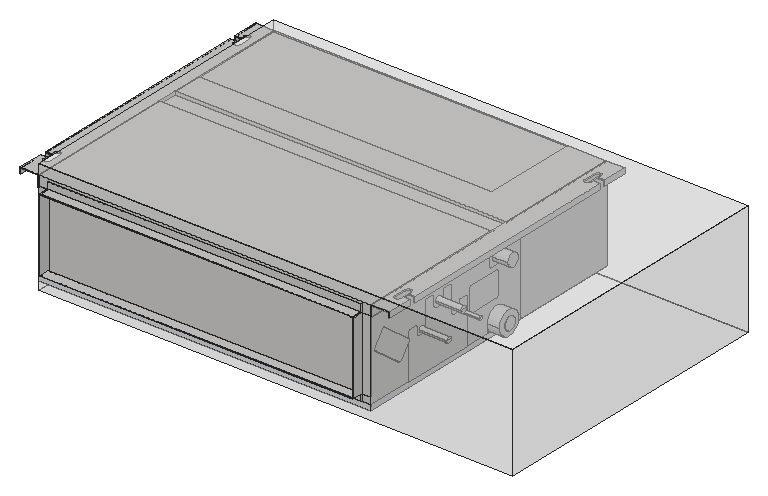
Revit family "outputfile", category 機械設備, Revit 2024
Family settings
  丸型コネクタ寸法 = 半径を使用
  パーツ タイプ = 標準
  OmniClass 番号 = 23.75.10.24.21.27.27
  OmniClass タイトル = Split System Air Conditioning Units
  作業面ベース = いいえ
  常に垂直 = はい
  ロード時にボイドで切り取り = いいえ
  注釈の向きを維持 = いいえ
  共有 = いいえ
  部屋計算ポイント = はい
Parameters (values of type "FPRQ20APVM")
  Description = ""
  書き出し IFC クラス(タイプ) = "IfcUnitaryEquipmentType"
  定義済み IFC タイプ(タイプ) = "AIRCONDITIONINGUNIT"
  Cost = 0
  Type Comments = ""
  Keynote = ""
  Type Image = (empty or 0)
  Assembly Code = ""
  w_RA Duct Size = RA Duct Size Width + 40.0 mm  # 620.0 mm
  r_HP/LP Gas Pipe Size = [HP/LP Gas Pipe Size] / 2  # 4.75 mm
  lw_HP/LP Gas Pipe Size = 60.0 mm  # constant formula
  lh_HP/LP Gas Pipe Size = -103.0 mm
  ld_HP/LP Gas Pipe Size = 131.0 mm
  製造元 = "Daikin"
  モデル = "FPRQ20APVM"
  w_pipe = 33.0 mm
  r_Liquid Pipe Size = Liquid Pipe Size / 2  # 3.2 mm
  r_Gas Pipe Size = Gas Pipe Size / 2  # 6.35 mm
  r_Drain Pipe Size = Drain Pipe Size / 2  # 13.0 mm
  lw_powersupply = 304.0 mm
  lh_suctionflange [instance] = if(Rear Connection_Return Air, 100.0 mm + [h***], 190.0 mm + [h***])  # 100.0 mm
  ld_suctionflange [instance] = if(Rear Connection_Return Air, 190.0 mm, 100.0 mm)  # 190.0 mm
  ld_powersupply = 60.0 mm
  angle_vertical_RA [instance] = if(Rear Connection_Return Air, 90.00°, 0.00°)  # 90.00°
  angle horizontal_RA [instance] = if(Rear Connection_Return Air, 180.00°, 270.00°)  # 180.00°
  Voltage_comment_60Hz = "220-230"
  Voltage_comment_50Hz = "220 - 240"
  Voltage_60Hz = 220 V
  Voltage_50Hz = 230 V
  URL = ""
  Supply Air Direction [instance] = yes
  Sound Power Level_H speed (dB) = 0
  Rear Connection_Return Air [instance] = not(Bottom Connection_Return Air)  # yes
  RA_length = 190.0 mm  # constant formula
  Phase_60Hz = 1
  Phase_50Hz = 1
  Minimum External Static Pressure = 0.00 Pa
  Minimum Circuit Amps_60Hz = 0.44 A
  Minimum Circuit Amps_50Hz = 0.44 A
  Maximum Fuse Amps_60Hz = 16.0 A
  Maximum Fuse Amps_50Hz = 16.0 A
  Maximum External Static Pressure = 40.00 Pa
  Material_Casing = DAIKIN_GalvanizedSteel_Casing_indoorunit
  lw_liquidpipe = 54.5 mm  # constant formula
  lw_gaspipe = 54.5 mm  # constant formula
  lw_mountinghole_pitch = Width + 40.0 mm  # 740.0 mm
  lw_mountinghole = 20.0 mm  # constant formula
  lw_drainpipe = 33.0 mm  # constant formula
  lh_powersupply = 10.0 mm
  lh_liquidpipe = 97.0 mm
  lh_gaspipe = 133.0 mm
  lh_mountinghole = Height + [h***]  # 200.0 mm
  lh_drainpipe = 50.0 mm
  lh_antena = 1.0 mm  # constant formula
  ld_liquidpipe = 221.0 mm  # constant formula
  ld_gaspipe = 176.0 mm  # constant formula
  ld_mountinghole_pitch = 500.0 mm  # constant formula
  ld_drainpipe = 287.0 mm  # constant formula
  ld_controlbox = 626.0 mm  # constant formula
  h*** = 0.0 mm  # constant formula
  d_dischargeflange = 22.2 mm  # constant formula
  Width = 700.0 mm
  Version = "ver.1.0"
  Unit Type = "Compact Moisture Control Ceiling Mounted Duct Type"
  Unit Mass Weight = 24.00 kg
  Unit Designation [instance] = ""
  Uniclass2015Version = "Products v1.30"
  Uniclass2015Title = "Variable refrigerant flow units"
  Uniclass2015Code = "Pr_70_65_03_94"
  Total Cooling Capacity [instance] = 0.000 kW
  Sound Pressure Level_M speed (dBA) = 26
  Sound Pressure Level_L speed (dBA) = 23
  Sound Pressure Level_H speed (dBA) = 29
  Series = "VRV HOME_Fan Coil Unit"
  Sensible Cooling Capacity [instance] = 0.000 kW
  SA Duct Size Width = 660.0 mm
  SA Duct Size Height = 153.0 mm
  Refrigerant Type = "R410A"
  RA Duct Size Width = 580.0 mm
  RA Duct Size Height = 160.0 mm
  Power Input (Cooling) = 0.033 kW
  Option Accessory 3 [instance] = ""
  Option Accessory 2 [instance] = ""
  Option Accessory 1 [instance] = ""
  Nominal Cooling Capacity = 2.200 kW
  Minimum Airflow = 324.00 m³/h
  Median Airflow = 378.00 m³/h
  Maximum Airflow = 432.00 m³/h
  Load Classification = HVAC
  Liquid Pipe Size = 6.4 mm
  Link_Nested Family [instance] = ""
  IfcVersion = ""
  IfcExportType = "AIRCONDITIONINGUNIT"
  IfcExportAs = "IfcUnitaryEquipmentType"
  Height = 200.0 mm
  Heat Exchanger Type = "Cross Fin Coil"
  HP/LP Gas Pipe Size = 9.5 mm
  Gas Pipe Size = 12.7 mm
  Frequency_60Hz = 60 Hz
  Frequency_50Hz = 50 Hz
  Fan Type = "Sirocco Fan"
  Fan Drive = "Direct Drive"
  FCU Tag No. [instance] = ""
  Drain Pipe Size = 26.0 mm
  Design Supply Airflow [instance] = 0.00 m³/h
  Design Return Airflow [instance] = 0.00 m³/h
  Design External Static Pressure [instance] = 0.00 Pa
  Depth = 620.0 mm
  既定の高さ = 0.0 mm
  Cooling Entering Wet Bulb Temperature [instance] = 0.00 °C
  Cooling Entering Dry Bulb Temperature [instance] = 0.00 °C
  Cooling Ambient Wet Bulb Temperature [instance] = 0.00 °C
  Cooling Ambient Dry Bulb Temperature [instance] = 0.00 °C
  Clearance visibility [instance] = yes
  Clearance Top = 20.0 mm
  Clearance Right = 300.0 mm
  Clearance Rear = 0.0 mm
  Clearance Left = 0.0 mm
  Clearance Front = 0.0 mm
  Clearance Bottom = 20.0 mm
  Bottom Connection_Return Air [instance] = no
Reference planes
  plane 1 "Center (Front/Back)": y = 0
  plane 2: z = 0
  plane 3 "Center (Left/Right)": x = 0
  plane 4 "Back": y = 310
  plane 5 "Front": y = -310
  plane 6 "Left": x = -350
  plane 7 "Right": x = 350
  plane 8 "Top": z = 0
  plane 9 "Bottom": z = -200
  plane 10: x = 330
  plane 11: x = -330
  plane 12: z = -190
  plane 13: z = -6
  plane 14: z = -22
  plane 15: z = -103
  plane 16: z = -67
  plane 17: x = -304
  plane 18: x = 304
  plane 19: x = -370
  plane 20: x = 370
  plane 21: y = -250
  plane 22: y = 250
  plane 23: x = -390
  plane 24: x = 390
  plane 25: x = 404.5
  plane 26: x = 404.5
  plane 27: x = 383
  plane 28: z = 0
  plane 29: z = -150
  plane 30 "Clearance Left": x = -350
  plane 31 "Clearance Right": x = 650
  plane 32 "Clearance Rear": y = 310
  plane 33 "Clearance Front": y = -310
  plane 34 "Clearance Top": z = 20
  plane 35 "Clearance Bottom": z = -220
  plane 36: z = -21
  plane 37: z = -50
  plane 38: z = -96.5
  plane 39: x = -40
  plane 40: y = -134
  plane 41: y = -89
  plane 42: y = -30
  plane 43: y = 23
  plane 44: z = -97.5
  plane 45: y = -309
  plane 46: x = -349
  plane 47: z = -100
  plane 48: z = -30
  plane 49: y = 210
  plane 50: z = 301
  plane 51: z = -199
  plane 52: y = 120
  plane 53: z = -101
  plane 54: x = 380
  plane 55: z = 11
  plane 56: z = 102.5
  plane 57: y = -179
Forms (mm)
  Extrusion 1, solid
    sketch origin (0, 0, 0) x (1, 0, 0) y (0, 0, 1)
      loop
        line (-350, -189.537) -> (-350, -200) -> (350, -200) -> (350, -189.537) -> (-350, -189.537)
    from -84 to 310
  Extrusion 2, solid, material "DAIKIN_GalvanizedSteel_Casing_indoorunit" <- "Material_Casing"
    sketch origin (0, 0, 0) x (1, 0, 0) y (0, 1, 0)
      loop
        line (-350, -310) -> (350, -310) -> (350, 310) -> (-350, 310) -> (-350, -310)
    from -200 to 0
  Extrusion 3, void
    sketch origin (0, 0, 1) x (1, 0, 0) y (0, 1, 0)
      loop
        line (-350, 48) -> (-350, 6) -> (350, 6) -> (350, 48) -> (-350, 48)
    from -1 to -7
  Extrusion 4, void
    sketch origin (350, 0, 0) x (0, 1, 0) y (0, 0, 1)
      loop
        line (44.5, -189.537) -> (44.5, -170)
        arc (44.5, -170) -> (20, -145.5) -> (-4.5, -170) r 24.5
        line (-4.5, -170) -> (-4.5, -189.537) -> (44.5, -189.537)
    from -1 to 0
  Revolve 5, solid, material "DAIKIN_GalvanizedSteel_Casing_indoorunit" <- "Material_Casing"
    sketch origin (0, 0, -67) x (0, -1, 0) y (1, 0, 0)
      loop
        line (127.65, 351) -> (134, 351) -> (134, 404.5) -> (127.65, 404.5) -> (127.65, 351)
      axis (134, 351) -> (134, 404.5)
    angle from 0 to 360
  Revolve 6, solid, material "DAIKIN_GalvanizedSteel_Casing_indoorunit" <- "Material_Casing"
    sketch origin (0, 0, -103) x (0, -1, 0) y (1, 0, 0)
      loop
        line (89, 351) -> (89, 404.5) -> (85.8, 404.5) -> (85.8, 351) -> (89, 351)
      axis (89, 404.5) -> (89, 351)
    angle from 0 to 360
  Extrusion 7, solid, material "DAIKIN_GalvanizedSteel_Casing_indoorunit" <- "Material_Casing"
    sketch origin (350, 0, 0) x (0, 1, 0) y (0, 0, 1)
      loop
        circle (23, -50) r 13
    from 0 to 33
  Extrusion 8, solid, material "DAIKIN_GalvanizedSteel_Casing_indoorunit" <- "Material_Casing"
    sketch origin (0, 0, 0) x (1, 0, 0) y (0, 0, 1)
      loop
        line (-350, -189.537) -> (-350, -200) -> (350, -200) -> (350, -189.537) -> (-350, -189.537)
    from -84 to 310
  Extrusion 9, solid, material "DAIKIN_GalvanizedSteel_Casing_indoorunit" <- "Material_Casing", visible <- "Bottom Connection_Return Air"
    sketch origin (0, 0, 0) x (1, 0, 0) y (0, 0, 1)
      loop
        line (269, -200) -> (269, -1) -> (-349, -1) -> (-349, -200) -> (269, -200)
    from -310 to -309
  Extrusion 10, void
    sketch origin (0, 0, 0) x (1, 0, 0) y (0, 0, 1)
      loop
        line (269, 0) -> (-349, 0) -> (-349, -1) -> (269, -1) -> (269, 0)
    from -310 to -111
  Extrusion 11, solid, material "DAIKIN_GalvanizedSteel_Casing_indoorunit" <- "Material_Casing", visible <- "Rear Connection_Return Air"
    sketch origin (0, 0, 0) x (1, 0, 0) y (0, 1, 0)
      loop
        line (-349, 310) -> (-349, 111) -> (269, 111) -> (269, 310) -> (-349, 310)
    from -200 to -199
  Extrusion 12, solid, material "DAIKIN_GalvanizedSteel_Casing_indoorunit" <- "Material_Casing"
    sketch origin (350, 0, 0) x (0, 1, 0) y (0, 0, 1)
      loop
        line (310, -22.445) -> (86.953, -22.445)
        arc (86.953, -22.445) -> (84.831, -23.324) -> (83.953, -25.445) r 3
        line (83.953, -25.445) -> (83.953, -195.005)
        arc (83.953, -195.005) -> (84.831, -197.126) -> (86.953, -198.005) r 3
        line (86.953, -198.005) -> (310, -198.005) -> (310, -22.445)
    from 1 to 0
  Extrusion 13, void
    sketch origin (350, 0, 0) x (0, 1, 0) y (0, 0, 1)
      loop
        arc (38.961, -70.949) -> (42.488, -69.488) -> (43.949, -65.961) r 4.988
        line (43.949, -65.961) -> (43.949, -34.039)
        arc (43.949, -34.039) -> (42.488, -30.512) -> (38.961, -29.051) r 4.988
        line (38.961, -29.051) -> (7.039, -29.051)
        arc (7.039, -29.051) -> (3.512, -30.512) -> (2.051, -34.039) r 4.988
        line (2.051, -34.039) -> (2.051, -65.961)
        arc (2.051, -65.961) -> (3.512, -69.488) -> (7.039, -70.949) r 4.988
        line (7.039, -70.949) -> (38.961, -70.949)
    from 0 to -1
  Extrusion 14, solid, material "DAIKIN_GalvanizedSteel_Casing_indoorunit" <- "Material_Casing"
    sketch origin (350, 0, 0) x (0, 1, 0) y (0, 0, 1)
      loop
        circle (20, -170) r 24.5
    from 27 to -1
  Extrusion 15, solid, material "DAIKIN_GalvanizedSteel_Casing_indoorunit" <- "Material_Casing"
    sketch origin (350, 0, 0) x (0, 1, 0) y (0, 0, 1)
      loop
        circle (20, -170) r 13
    from 30 to 27
  Revolve 16, solid, material "DAIKIN_GalvanizedSteel_Casing_indoorunit" <- "Material_Casing"
    sketch origin (0, -90, -103) x (0, -1, 0) y (1, 0, 0)
      loop
        line (89, 351) -> (89, 410) -> (84.25, 410) -> (84.25, 351) -> (89, 351)
      axis (89, 410) -> (89, 351)
    angle from 0 to 360
  Extrusion 17, solid, material "DAIKIN_GalvanizedSteel_Casing_indoorunit" <- "Material_Casing"
    sketch origin (350, 0, 0) x (0, 1, 0) y (0, 0, 1)
      loop
        line (-211.205, -110.811) -> (-211.205, -106.897) -> (-275.959, -56.305)
        arc (-275.959, -56.305) -> (-277.067, -55.998) -> (-278.067, -56.564) r 1.502
        line (-278.067, -56.564) -> (-301.436, -86.475)
        arc (-301.436, -86.475) -> (-302.05, -88.69) -> (-300.919, -90.691) r 3.003
        line (-300.919, -90.691) -> (-237.814, -139.993)
        arc (-237.814, -139.993) -> (-235.6, -140.607) -> (-233.599, -139.475) r 3.003
        line (-233.599, -139.475) -> (-211.205, -110.811)
      loop
        line (-50.992, -82.409) -> (-50.992, -128.409)
        arc (-50.992, -128.409) -> (-50.114, -130.53) -> (-47.992, -131.409) r 3
        line (-47.992, -131.409) -> (19.012, -131.409)
        arc (19.012, -131.409) -> (21.133, -130.53) -> (22.012, -128.409) r 3
        line (22.012, -128.409) -> (22.012, -82.409)
        arc (22.012, -82.409) -> (21.133, -80.287) -> (19.012, -79.409) r 3
        line (19.012, -79.409) -> (-47.992, -79.409)
        arc (-47.992, -79.409) -> (-50.114, -80.287) -> (-50.992, -82.409) r 3
    from 0 to 1
  Extrusion 18, solid, material "DAIKIN_GalvanizedSteel_Casing_indoorunit" <- "Material_Casing"
    sketch origin (350, 0, 0) x (0, 1, 0) y (0, 0, 1)
      loop
        line (-58.882, -189.537) -> (-58.882, -94.397)
        arc (-58.882, -94.397) -> (-59.762, -92.274) -> (-61.885, -91.394) r 3.003
        line (-61.885, -91.394) -> (-74.026, -91.394)
        arc (-74.026, -91.394) -> (-76.15, -92.274) -> (-77.029, -94.397) r 3.003
        line (-77.029, -94.397) -> (-77.029, -103)
        arc (-77.029, -103) -> (-88.474, -114.959) -> (-100.924, -104.052) r 11.971
        line (-100.924, -104.052) -> (-100.924, -56.159)
        arc (-100.924, -56.159) -> (-101.804, -54.035) -> (-103.927, -53.156) r 3.003
        line (-103.927, -53.156) -> (-116.44, -53.156)
        arc (-116.44, -53.156) -> (-118.563, -54.035) -> (-119.443, -56.159) r 3.003
        line (-119.443, -56.159) -> (-119.443, -67)
        arc (-119.443, -67) -> (-134, -81.557) -> (-148.557, -67) r 14.557
        line (-148.557, -67) -> (-148.557, -56.159)
        arc (-148.557, -56.159) -> (-149.437, -54.035) -> (-151.56, -53.156) r 3.003
        line (-151.56, -53.156) -> (-164.073, -53.156)
        arc (-164.073, -53.156) -> (-166.196, -54.035) -> (-167.076, -56.159) r 3.003
        line (-167.076, -56.159) -> (-167.076, -103)
        arc (-167.076, -103) -> (-179.13, -115.055) -> (-191.185, -103) r 12.055
        line (-191.185, -103) -> (-191.185, -94.397)
        arc (-191.185, -94.397) -> (-192.064, -92.274) -> (-194.188, -91.394) r 3.003
        line (-194.188, -91.394) -> (-208.202, -91.394)
        arc (-208.202, -91.394) -> (-210.325, -92.274) -> (-211.205, -94.397) r 3.003
        line (-211.205, -94.397) -> (-211.205, -189.537) -> (-58.882, -189.537)
    from 0 to 1
Cuts and joins
  Extrusion 3, Extrusion 4, Extrusion 10, Extrusion 13 cuts Extrusion 2
  Extrusion 4 cuts Extrusion 1
  Extrusion 10 cuts Extrusion 8
Dimensions and locks
  "lh_powersupply": plane 12 to plane 9 "Bottom"
  locked: plane 8 "Top" to plane 13 at 6
  "Height": plane 8 "Top" to plane 9 "Bottom"
  equal spacing: plane 17, plane 3 "Center (Left/Right)", plane 18, locked at 304 each
  plane 17 to plane 18 = 608.0 mm
  equal spacing: plane 19, plane 3 "Center (Left/Right)", plane 20
  "lw_mountinghole_pitch": plane 19 to plane 20
  locked: plane 14 to plane 9 "Bottom" at 178
  "lw_mountinghole": plane 23 to plane 19
  "lh_liquidpipe": plane 15 to plane 9 "Bottom"
  "lh_gaspipe": plane 16 to plane 9 "Bottom"
  "lh_mountinghole": plane 28 to plane 9 "Bottom"
  "ld_mountinghole_pitch": plane 22 to plane 21
  equal spacing: plane 6 "Left", plane 3 "Center (Left/Right)", plane 7 "Right"
  "Width": plane 6 "Left" to plane 7 "Right"
  "lh_drainpipe": plane 29 to plane 9 "Bottom"
  "Clearance Right": plane 7 "Right" to plane 31 "Clearance Right"
  "Clearance Left": plane 30 "Clearance Left" to plane 6 "Left"
  "lw_gaspipe": plane 7 "Right" to plane 26
  "lw_liquidpipe": plane 7 "Right" to plane 25
  "lw_drainpipe": plane 7 "Right" to plane 27
  "Clearance Rear": plane 32 "Clearance Rear" to plane 4 "Back"
  "Clearance Front": plane 5 "Front" to plane 33 "Clearance Front"
  "Clearance Top": plane 34 "Clearance Top" to plane 8 "Top"
  "Clearance Bottom": plane 9 "Bottom" to plane 35 "Clearance Bottom"
  "lw_powersupply": plane 3 "Center (Left/Right)" to plane 18
  locked: plane 8 "Top" to plane 36 at 21
  "lh_drainpipe": plane 8 "Top" to plane 37
  locked: plane 38 to plane 9 "Bottom" at 103.5
  locked: plane 36 to plane 44 at 76.5
  "Depth": plane 4 "Back" to plane 5 "Front"
  equal spacing: plane 4 "Back", plane 1 "Center (Front/Back)", plane 5 "Front"
  locked: plane 45 to plane 5 "Front" at 1
  locked: plane 46 to plane 6 "Left" at 1
  Extrusion 9 sketch curve to Extrusion 9 sketch curve = 199.0 mm
  nested 12 to plane 39 = 290.0 mm
  locked: plane 12 to plane 47 at 90
  plane 32 "Clearance Rear" to Extrusion 9 = 1.0 mm
  locked: plane 48 to plane 35 "Clearance Bottom" at 190
  plane 49 to nested 13 = 80.0 mm
  plane 50 to plane 28 = 301.0 mm
  locked: plane 51 to plane 9 "Bottom" at 1
  "ld_suctionflange": plane 4 "Back" to plane 52
  locked: plane 53 to plane 9 "Bottom" at 99
  locked: plane 54 to plane 7 "Right" at 30
  "r_Gas Pipe Size": Revolve 5 sketch curve to Revolve 5 sketch curve
  "ld_gaspipe": plane 40 to plane 5 "Front"
  "r_Liquid Pipe Size": Revolve 6 sketch curve to plane 41
  "ld_liquidpipe": plane 41 to plane 5 "Front"
  "ld_drainpipe": plane 4 "Back" to plane 43
  "r_HP/LP Gas Pipe Size": Revolve 16 sketch curve to plane 57
  "ld_HP/LP Gas Pipe Size": plane 57 to plane 5 "Front"
  plane 8 "Top" to plane 15 = 103.0 mm
  Extrusion 3 sketch curve to plane 5 "Front" = 316.0 mm
  locked: nested 11 to plane 7 "Right" at 19.5
  locked: plane 4 "Back" to nested 11 at 49.2
  locked: plane 7 "Right" to Extrusion 10 sketch curve at 81
  locked: plane 7 "Right" to Extrusion 9 sketch curve at 81
  "ld_gaspipe": Revolve 5 sketch curve to plane 5 "Front"
  plane 8 "Top" to Extrusion 13 sketch curve to Extrusion 13 sketch curve = 29.051 mm locked, 41.898 mm locked
  "r_Drain Pipe Size": radius of Extrusion 7 sketch curve
  aligned and locked: level to plane 2
  aligned and locked: Extrusion 2 to plane 9 "Bottom"
  aligned and locked: plane 8 "Top" to Extrusion 2
  aligned and locked: Revolve 5 sketch curve to Revolve 5 sketch curve
  aligned and locked: cut or joined group of Extrusion 1, Extrusion 4 to plane 9 "Bottom"
  aligned and locked: plane 25 to nested 6
  aligned and locked: nested 6 to plane 15
  aligned and locked: nested 2 to plane 22
  aligned and locked: plane 20 to nested 2
  aligned and locked: plane 20 to nested 3
  aligned and locked: plane 19 to nested 4
  aligned and locked: plane 22 to nested 5
  aligned and locked: nested 5 to plane 22
  aligned and locked: plane 19 to nested 5
  aligned and locked: plane 8 "Top" to nested 1
  aligned and locked: Extrusion 8 to plane 5 "Front"
  aligned and locked: Extrusion 8 to plane 9 "Bottom"
  aligned and locked: nested 7 to plane 16
  aligned and locked: plane 4 "Back" to nested 1
  aligned and locked: plane 40 to nested 7
  aligned and locked: plane 41 to nested 6
  aligned and locked: Extrusion 7 sketch curve to plane 43
  aligned and locked: nested 12 to plane 46
  aligned and locked: plane 4 "Back" to Extrusion 10
  aligned and locked: plane 8 "Top" to Extrusion 3
  aligned and locked: Extrusion 9 to cut or joined group of Extrusion 2, Extrusion 3, Extrusion 4, Extrusion 10, Extrusion 13
  aligned and locked: plane 9 "Bottom" to Extrusion 11  (x2)
  aligned and locked: Extrusion 11 to plane 51
  aligned and locked: plane 4 "Back" to nested 12
  aligned and locked: Extrusion 10 to level
  aligned and locked: plane 31 "Clearance Right" to nested 14
  aligned and locked: plane 30 "Clearance Left" to nested 14
  aligned and locked: nested 14 to plane 33 "Clearance Front"
  aligned and locked: nested 14 to plane 34 "Clearance Top"
  aligned and locked: nested 14 to plane 35 "Clearance Bottom"
  aligned and locked: plane 7 "Right" to Extrusion 12
  aligned and locked: Extrusion 3 to plane 13
  aligned and locked: plane 52 to nested 15
  aligned and locked: nested 8 to plane 37
  aligned and locked: nested 10 to plane 1 "Center (Front/Back)"
  aligned and locked: plane 46 to Extrusion 9
  aligned and locked: nested 12 to plane 51
  aligned and locked: plane 3 "Center (Left/Right)" to nested 10
  aligned and locked: plane 13 to nested 16
  aligned and locked: plane 44 to nested 9
  aligned and locked: level to plane 8 "Top"
  aligned and locked: plane 3 "Center (Left/Right)" to nested 1
  aligned and locked: Extrusion 2 sketch curve to plane 5 "Front"
  aligned and locked: plane 3 "Center (Left/Right)" to nested 16
  aligned and locked: plane 5 "Front" to nested 16
  aligned and locked: nested 9 to plane 5 "Front"
  aligned and locked: plane 41 to Revolve 6 sketch curve  (x2)
  aligned and locked: plane 57 to nested 17
  aligned and locked: plane 57 to Revolve 16 sketch curve  (x2)
  aligned and locked: Revolve 16 sketch curve to nested 17
  aligned and locked: nested 17 to plane 15
  aligned and locked: plane 7 "Right" to nested 7
  aligned and locked: plane 7 "Right" to nested 17
  aligned and locked: Extrusion 11 sketch curve to cut or joined group of Extrusion 2, Extrusion 3, Extrusion 4, Extrusion 10, Extrusion 13  (x2)
  aligned and locked: plane 46 to nested 13
  aligned and locked: plane 7 "Right" to nested 8
  aligned and locked: plane 43 to nested 8
  aligned and locked: nested 11 to plane 9 "Bottom"
  aligned and locked: plane 32 "Clearance Rear" to nested 14
Automatic sketch dimensions
  Extrusion 1 sketch curve to plane 6 "Left" = 0.0 mm
  Extrusion 1 sketch curve to plane 7 "Right" = 0.0 mm
  Extrusion 1 sketch curve to plane 9 "Bottom" = 0.0 mm
  plane 12 to Extrusion 1 sketch curve = 0.463 mm
  Extrusion 2 sketch curve to plane 4 "Back" = 0.0 mm
  Extrusion 2 sketch curve to plane 6 "Left" = 0.0 mm
  Extrusion 2 sketch curve to plane 7 "Right" = 0.0 mm
  Extrusion 3 sketch curve to plane 6 "Left" = 0.0 mm
  Extrusion 3 sketch curve to plane 7 "Right" = 0.0 mm
  plane 43 to Extrusion 3 sketch curve = 25.0 mm
  plane 1 "Center (Front/Back)" to Extrusion 4 sketch curve = 4.5 mm
  Extrusion 4 sketch curve to plane 43 = 3.0 mm
  plane 12 to Extrusion 4 sketch curve = 0.463 mm
  Extrusion 4 sketch curve to Extrusion 4 sketch curve = 19.537 mm
  Revolve 5 sketch curve to plane 25 = 0.0 mm
  plane 7 "Right" to Revolve 5 sketch curve = 1.0 mm
  Revolve 5 sketch curve to plane 39 = 57.997 mm
  plane 25 to Revolve 5 sketch curve = 1.003 mm
  Revolve 6 sketch curve to plane 25 = 0.0 mm  (x2)
  plane 7 "Right" to Revolve 6 sketch curve = 1.0 mm
  Revolve 6 sketch curve to Revolve 6 sketch curve = 0.0 mm
  Extrusion 8 sketch curve to plane 6 "Left" = 0.0 mm
  Extrusion 8 sketch curve to plane 7 "Right" = 0.0 mm
  Extrusion 8 sketch curve to plane 9 "Bottom" = 0.0 mm
  plane 12 to Extrusion 8 sketch curve = 0.463 mm
  plane 46 to Extrusion 9 sketch curve = 0.0 mm
  Extrusion 9 sketch curve to plane 9 "Bottom" = 0.0 mm
  plane 46 to Extrusion 10 sketch curve = 0.0 mm
  Extrusion 10 sketch curve to level = 0.0 mm
  Extrusion 10 sketch curve to level = 1.0 mm
  Extrusion 11 sketch curve to plane 46 = 0.0 mm
  Extrusion 11 sketch curve to plane 4 "Back" = 0.0 mm
  Extrusion 13 sketch curve to plane 1 "Center (Front/Back)" = 2.051 mm
  Extrusion 13 sketch curve to plane 1 "Center (Front/Back)" = 7.039 mm
  Extrusion 13 sketch curve to Extrusion 13 sketch curve = 4.988 mm
  plane 43 to Extrusion 13 sketch curve = 15.961 mm  (x2)
  plane 16 to Extrusion 13 sketch curve = 1.039 mm
  Extrusion 14 sketch curve to plane 43 = 3.0 mm
  plane 12 to Extrusion 14 sketch curve = 20.0 mm
  Extrusion 15 sketch curve to plane 43 = 3.0 mm
  plane 12 to Extrusion 15 sketch curve = 20.0 mm
  plane 45 to Extrusion 17 sketch curve = 7.564 mm
  plane 38 to Extrusion 17 sketch curve = 5.809 mm
  Extrusion 17 sketch curve to Extrusion 17 sketch curve = 0.518 mm  (x2)
  Extrusion 17 sketch curve to Extrusion 17 sketch curve = 2.366 mm  (x3)
  Extrusion 17 sketch curve to plane 37 = 6.564 mm
  Extrusion 17 sketch curve to plane 21 = 28.067 mm
  Extrusion 17 sketch curve to Extrusion 17 sketch curve = 1.183 mm
  Extrusion 17 sketch curve to plane 37 = 6.305 mm
  Extrusion 17 sketch curve to Extrusion 17 sketch curve = 0.924 mm
  plane 21 to Extrusion 17 sketch curve = 12.186 mm
  Extrusion 17 sketch curve to Extrusion 17 sketch curve = 1.849 mm
  plane 29 to Extrusion 17 sketch curve = 10.525 mm
  Extrusion 17 sketch curve to plane 15 = 7.811 mm
  Extrusion 17 sketch curve to plane 57 = 32.205 mm
  Extrusion 17 sketch curve to plane 42 = 20.992 mm
  Extrusion 17 sketch curve to Extrusion 17 sketch curve = 3.0 mm  (x2)
  Extrusion 17 sketch curve to plane 43 = 3.988 mm  (x2)
  Extrusion 17 sketch curve to plane 43 = 0.988 mm
  plane 29 to Extrusion 17 sketch curve = 18.591 mm
  Extrusion 17 sketch curve to plane 15 = 3.897 mm
  plane 38 to Extrusion 17 sketch curve = 14.091 mm
  Extrusion 18 sketch curve to plane 15 = 0.0 mm  (x2)
  Extrusion 18 sketch curve to plane 16 = 0.0 mm  (x3)
  Extrusion 18 sketch curve to plane 41 = 0.0 mm
  Extrusion 18 sketch curve to plane 41 = 11.924 mm  (x2)
  Extrusion 18 sketch curve to plane 15 = 1.052 mm
  Extrusion 18 sketch curve to Extrusion 18 sketch curve = 3.003 mm  (x8)
  Extrusion 18 sketch curve to plane 37 = 3.156 mm  (x2)
  Extrusion 18 sketch curve to Extrusion 18 sketch curve = 12.513 mm  (x2)
  Extrusion 18 sketch curve to plane 37 = 6.159 mm  (x4)
  Extrusion 18 sketch curve to Extrusion 18 sketch curve = 0.0 mm  (x6)
  Extrusion 18 sketch curve to plane 40 = 0.0 mm
  plane 57 to Extrusion 18 sketch curve = 11.924 mm
  Extrusion 18 sketch curve to plane 57 = 0.13 mm
  plane 38 to Extrusion 18 sketch curve = 2.103 mm  (x5)
  Extrusion 18 sketch curve to Extrusion 18 sketch curve = 14.014 mm
  plane 12 to Extrusion 18 sketch curve = 0.463 mm
  Extrusion 18 sketch curve to plane 57 = 32.205 mm
  plane 38 to Extrusion 18 sketch curve = 5.106 mm
  Extrusion 18 sketch curve to Extrusion 18 sketch curve = 12.141 mm
  Extrusion 18 sketch curve to plane 42 = 28.882 mm
  Extrusion 12 sketch curve to plane 4 "Back" = 0.0 mm
  plane 51 to Extrusion 12 sketch curve = 0.995 mm
  Extrusion 12 sketch curve to plane 52 = 33.047 mm  (x2)
  Extrusion 12 sketch curve to plane 14 = 3.445 mm
  Extrusion 12 sketch curve to Extrusion 12 sketch curve = 3.0 mm
  Extrusion 7 sketch curve to plane 37 = 0.0 mm
  Revolve 16 sketch curve to plane 25 = 0.0 mm
  plane 7 "Right" to Revolve 16 sketch curve = 1.0 mm
  Revolve 16 sketch curve to Revolve 16 sketch curve = 0.0 mm
  radius of Extrusion 14 sketch curve = 24.5 mm
  radius of Extrusion 15 sketch curve = 13.0 mm
Nested families
  nested 1: "daikin_hangerfixture_FPRQ-APVM" at (0, 0, 0), type "daikin_hangerfixture_FPRQ-APVM"
  nested 2: "daikin_mountinghole" at (370, 250, -200), l_antenna <- "lh_antena", Link_Nested Family <- "Link_Nested Family", h_mountinghole <- "lh_mountinghole", type "daikin_mountinghole"
    with show yes, l_antenna 1.0 mm, h_mountinghole 200.0 mm, Link_Nested Family ""
  nested 3: "daikin_mountinghole" at (370, -250, -200), Link_Nested Family <- "Link_Nested Family", l_antenna <- "lh_antena", h_mountinghole <- "lh_mountinghole", type "daikin_mountinghole"
    with show yes, l_antenna 1.0 mm, h_mountinghole 200.0 mm, Link_Nested Family ""
  nested 4: "daikin_mountinghole" at (-370, -250, -200), l_antenna <- "lh_antena", Link_Nested Family <- "Link_Nested Family", h_mountinghole <- "lh_mountinghole", type "daikin_mountinghole"
    with show yes, l_antenna 1.0 mm, h_mountinghole 200.0 mm, Link_Nested Family ""
  nested 5: "daikin_mountinghole" at (-370, 250, -200), l_antenna <- "lh_antena", Link_Nested Family <- "Link_Nested Family", h_mountinghole <- "lh_mountinghole", type "daikin_mountinghole"
    with show yes, l_antenna 1.0 mm, h_mountinghole 200.0 mm, Link_Nested Family ""
  nested 6: "daikin_connector_rotate2" at (350, -89, -103) x (0, 1, 0) z (0, 0, 1), length <- "lw_liquidpipe", built-in parameter 1001364 <- "lh_liquidpipe", radius <- "r_Liquid Pipe Size", type "daikin_connector_rotate2"
    with radius 3.2 mm, length 54.5 mm, angle_vertical 90.00°
  nested 7: "daikin_connector_rotate2" at (350, -134, -67) x (0, 1, 0) z (0, 0, 1), length <- "lw_gaspipe", built-in parameter 1001364 <- "lh_gaspipe", radius <- "r_Gas Pipe Size", type "daikin_connector_rotate2"
    with radius 6.35 mm, length 54.5 mm, angle_vertical 90.00°
  nested 8: "daikin_connector_rotate2" at (350, 23, -50) x (0, 1, 0) z (0, 0, 1), built-in parameter 1001364 <- "lh_drainpipe", radius <- "r_Drain Pipe Size", length <- "lw_drainpipe", type "daikin_connector_rotate2"
    with radius 13.0 mm, length 33.0 mm, angle_vertical 90.00°
  nested 9: "daikin_connector_rotate2" at (0, -310, -97.5), length <- "d_dischargeflange", type "daikin_connector_rotate2"
    with radius 10.0 mm, length 22.2 mm, angle_vertical 90.00°
  nested 10: "daikin_△_symbolicline" at (-75, -129.904, 200) x (-0.5, 0.866, 0) z (0, 0, 1), built-in parameter 1001364 <- "Height", visible <- "Supply Air Direction", type "daikin_△_symbolicline"
    with length 300.0 mm
  nested 11: "daikin_connector_rotate2" at (330.5, 260.8, -140) x (-1, 0, 0) z (0, 0, 1), type "daikin_connector_rotate2"
    with radius 10.0 mm, length 60.0 mm, angle_vertical 0.00°
  nested 12: "daikin_ductflange_FPRQ-APVM_2" at (-40, 310, -100), material <- "Material_Casing", visible <- "Rear Connection_Return Air", height <- "RA Duct Size Height", width <- "w_RA Duct Size", type "daikin_ductflange_FPRQ-APVM_2"
    with width 620.0 mm, material DAIKIN_GalvanizedSteel_Casing_indoorunit, height 160.0 mm, depth 21.2 mm
  nested 13: "daikin_ductflange_FPRQ-APVM_2" at (-40, 210, -200) x (1, 0, 0) z (0, 1, 0), material <- "Material_Casing", visible <- "Bottom Connection_Return Air", width <- "w_RA Duct Size", height <- "RA Duct Size Height", type "daikin_ductflange_FPRQ-APVM_2"
    with width 620.0 mm, material DAIKIN_GalvanizedSteel_Casing_indoorunit, height 160.0 mm, depth 21.2 mm
  nested 14: "daikin_clearancespace" at (150, 0, -99.881), visible <- "Clearance visibility", show <- "Clearance visibility", Link_Nested Family <- "Link_Nested Family", type "daikin_clearancespace"
    with width 1000.0 mm, show yes, height 240.0 mm, depth 620.0 mm, Link_Nested Family ""
  nested 15: "daikin_connector_rotate3" at (-40, 120, -100), built-in parameter 1001364 <- "lh_suctionflange", angle_vertical <- "angle_vertical_RA", angle_horizontal <- "angle horizontal_RA", length <- "RA_length", type "daikin_connector_rotate3"
    with show no, radius 10.0 mm, length 190.0 mm, angle_vertical 90.00°, angle_horizontal 180.00°
  nested 16: "daikin_ductflange_FPRQ-APVM_1" at (0, 3.5, -364.201), width <- "SA Duct Size Width", type "daikin_ductflange_FPRQ-APVM_1"
    with width 660.0 mm, material DAIKIN_GalvanizedSteel_Casing_indoorunit, height 155.0 mm, depth 22.2 mm
  nested 17: "daikin_connector_rotate2" at (350, -179, -103) x (0, 1, 0) z (0, 0, 1), length <- "lw_HP/LP Gas Pipe Size", built-in parameter 1001364 <- "lh_HP/LP Gas Pipe Size", radius <- "r_HP/LP Gas Pipe Size", type "daikin_connector_rotate2"
    with radius 4.75 mm, length 60.0 mm, angle_vertical 90.00°
Connectors
  piping at (404.5, -134, -67), diameter 12.7, driven by "r_Gas Pipe Size"
    settings: on nested 7, index 1, connector inside diameter 609.6 mm, connector length 0.0 mm, flow factor 0, pipe flow 0.00 m³/h, pressure drop 0.0 Pa, fitting loss kfactor 0, connector angle 0.00°, fixture units 0, engagement length 0.0 mm, angle of deflection 0.00°, flow configuration 1, flow direction 2, fitting loss method 0, system type 29, joint type 0, gender type 0, connector reference index -1, connector utility 0, adjustable connector no, is connector primary yes, connector description "Refrigerant Gas Piping"
  piping at (404.5, -89, -103), diameter 6.4, driven by "r_Liquid Pipe Size"
    settings: on nested 6, index 2, connector inside diameter 609.6 mm, connector length 0.0 mm, flow factor 0, pipe flow 0.00 m³/h, pressure drop 0.0 Pa, fitting loss kfactor 0, connector angle 0.00°, fixture units 0, engagement length 0.0 mm, angle of deflection 0.00°, flow configuration 1, flow direction 1, fitting loss method 0, system type 29, joint type 0, gender type 0, connector reference index -1, connector utility 0, adjustable connector no, is connector primary no, connector description "Refrigerant Liquid Piping"
  piping at (383, 23, -50), diameter 26, driven by "r_Drain Pipe Size"
    settings: on nested 8, index 3, connector inside diameter 609.6 mm, connector length 0.0 mm, flow factor 0, pipe flow 0.00 m³/h, pressure drop 0.0 Pa, fitting loss kfactor 0, connector angle 0.00°, fixture units 0, engagement length 0.0 mm, angle of deflection 0.00°, flow configuration 1, flow direction 2, fitting loss method 4, system type 16, joint type 0, gender type 0, connector reference index -1, connector utility 0, adjustable connector no, is connector primary no, connector description "Condensate Drain Piping"
  electrical at (330.5, 260.8, -200), driven by "Load Classification"
    settings: on nested 11, index 9, voltage 0 V, apparent load 0 VA, apparent load phase1 0 VA, apparent load phase2 0 VA, apparent load phase3 0 VA, power factor 1, load classification "HVAC", number of poles 1, system type 30, power factor state 1, is connector primary yes, connector utility no, sub classification motor no, connector description "Power Supply"
  hvac at (0, -332.2, -97.5), driven by "SA Duct Size Height", driven by "SA Duct Size Width"
    settings: on nested 9, index 11, duct flow 0.00 m³/h, flow factor 0, pres drop 0.00 Pa, loss coef 0, conn angle 0.00°, conn width 660.0 mm, conn height 153.0 mm, conn diameter 609.6 mm, duct sys type 1, conn prof type 1, flow config 0, flow direction 2, loss method 4, conn ref index -1, conn util no, is conn primary yes, conn desc "SA Duct"
  hvac at (-40, 310, -100), driven by "RA Duct Size Height", driven by "RA Duct Size Width"
    settings: on nested 15, index 12, duct flow 0.00 m³/h, flow factor 0, pres drop 0.00 Pa, loss coef 0, conn angle 0.00°, conn width 580.0 mm, conn height 160.0 mm, conn diameter 609.6 mm, duct sys type 2, conn prof type 1, flow config 0, flow direction 1, loss method 4, conn ref index -1, conn util no, is conn primary no, conn desc "RA Duct"
  piping at (404.5, -134, -67), diameter 12.7, driven by "r_Gas Pipe Size"
    settings: on nested 7, index 13, connector inside diameter 609.6 mm, connector length 0.0 mm, flow factor 0, pipe flow 0.00 m³/h, pressure drop 0.0 Pa, fitting loss kfactor 0, connector angle 0.00°, fixture units 0, engagement length 0.0 mm, angle of deflection 0.00°, flow configuration 1, flow direction 2, fitting loss method 0, system type 29, joint type 0, gender type 0, connector reference index -1, connector utility 0, adjustable connector no, is connector primary no, connector description "Refrigerant Gas Piping"
  piping at (410, -179, -103), diameter 9.5, driven by "r_HP/LP Gas Pipe Size"
    settings: on nested 17, index 14, connector inside diameter 609.6 mm, connector length 0.0 mm, flow factor 0, pipe flow 0.00 m³/h, pressure drop 0.0 Pa, fitting loss kfactor 0, connector angle 0.00°, fixture units 0, engagement length 0.0 mm, angle of deflection 0.00°, flow configuration 1, flow direction 0, fitting loss method 0, system type 29, joint type 0, gender type 0, connector reference index -1, connector utility 0, adjustable connector no, is connector primary no, connector description "Refrigerant HP/LP Gas Piping"
Definition of nested family "daikin_hangerfixture_FPRQ-APVM"
  Parameters (values of type "daikin_hangerfixture_FXDQ-PDVT4")
    width = 700.0 mm
    material = none
    height = 65.0 mm
    depth = 620.0 mm
    Default Elevation = 0.0 mm
  Reference planes
    plane 1 "Center (Front/Back)": y = 0
    plane 2: z = 0
    plane 3 "Center (Left/Right)": x = 0
    plane 4: x = 350
    plane 5: y = 310
    plane 6: y = -310
    plane 7: x = -350
  Forms (mm)
    Extrusion 1, solid, material <- "material"
      sketch origin (0, 0, 0) x (1, 0, 0) y (0, 0, 1)
        loop
          line (350, 0) -> (350, -24.477) -> (351.56, -22.917) -> (351.56, -1.56) -> (387.944, -1.56) -> (387.944, -11.312) -> (389.504, -11.312) -> (389.504, 0) -> (350, 0)
      from -310 to 310
    Extrusion 2, void
      sketch origin (0, 0, 0) x (0, 1, 0) y (0, 0, 1)
        loop
          line (310, -30) -> (310, -17.979) -> (87.935, -17.979) -> (75.914, -30) -> (310, -30)
      from 0 to 618
    Extrusion 3, void
      sketch origin (0, 0, 0) x (1, 0, 0) y (0, 1, 0)
        loop
          line (390, -243.5) -> (377, -243.5) -> (377, -237)
          arc (377, -237) -> (370, -230) -> (363, -237) r 7
          line (363, -237) -> (363, -263)
          arc (363, -263) -> (370, -270) -> (377, -263) r 7
          line (377, -263) -> (377, -256.5) -> (390, -256.5) -> (390, -243.5)
        loop
          line (390, 243.5) -> (390, 256.5) -> (377, 256.5) -> (377, 263)
          arc (377, 263) -> (370, 270) -> (363, 263) r 7
          line (363, 263) -> (363, 237)
          arc (363, 237) -> (370, 230) -> (377, 237) r 7
          line (377, 237) -> (377, 243.5) -> (390, 243.5)
      from -254.96 to 618
    Extrusion 4, solid, material <- "material"
      sketch origin (0, 0, 0) x (-1, 0, 0) y (0, 0, -1)
        loop
          line (350, 0) -> (389.504, 0) -> (389.504, 11.312) -> (387.944, 11.312) -> (387.944, 1.56) -> (351.56, 1.56) -> (351.56, 22.917) -> (350, 24.477) -> (350, 0)
      from -310 to 310
    Extrusion 5, void
      sketch origin (0, 0, 0) x (-1, 0, 0) y (0, -1, 0)
        loop
          line (390, 243.5) -> (390, 256.5) -> (377, 256.5) -> (377, 263)
          arc (377, 263) -> (370, 270) -> (363, 263) r 7
          line (363, 263) -> (363, 237)
          arc (363, 237) -> (370, 230) -> (377, 237) r 7
          line (377, 237) -> (377, 243.5) -> (390, 243.5)
        loop
          line (390, -243.5) -> (377, -243.5) -> (377, -237)
          arc (377, -237) -> (370, -230) -> (363, -237) r 7
          line (363, -237) -> (363, -263)
          arc (363, -263) -> (370, -270) -> (377, -263) r 7
          line (377, -263) -> (377, -256.5) -> (390, -256.5) -> (390, -243.5)
      from -254.96 to 618
  Cuts and joins
    Extrusion 2, Extrusion 3, Extrusion 5 cuts Extrusion 1
    Extrusion 5 cuts Extrusion 4
  Dimensions and locks
    equal spacing: plane 5, plane 1 "Center (Front/Back)", plane 6
    "depth": plane 5 to plane 6
    plane 6 to plane 1 "Center (Front/Back)" to plane 5 = 310.0 mm, 310.0 mm
    locked: Extrusion 1 sketch curve to plane 4 at 1.56
    locked: level to Extrusion 1 sketch curve at 1.56
    locked: Extrusion 1 sketch curve to plane 4 at 39.504
    locked: level to Extrusion 1 sketch curve at 11.312
    locked: Extrusion 1 sketch curve to Extrusion 1 sketch curve at 1.56
    locked: level to Extrusion 1 sketch curve at 24.477
    equal spacing: plane 7, plane 3 "Center (Left/Right)", plane 4
    "width": plane 7 to plane 4
    locked: plane 7 to Extrusion 4 sketch curve at 1.56
    locked: level to Extrusion 4 sketch curve at 11.312
    locked: plane 7 to Extrusion 4 sketch curve at 39.504
    locked: Extrusion 4 sketch curve to Extrusion 4 sketch curve at 1.56
    locked: plane 2 to Extrusion 4 sketch curve at 1.56
    locked: plane 2 to Extrusion 4 sketch curve at 24.477
    locked: Extrusion 5 sketch curve to plane 7 at 13
    aligned and locked: level to plane 2
    aligned and locked: plane 5 to Extrusion 1
    aligned and locked: Extrusion 1 to plane 6
    aligned and locked: Extrusion 1 to plane 4
    aligned and locked: plane 5 to cut or joined group of Extrusion 1, Extrusion 2, Extrusion 3, Extrusion 5
    aligned and locked: cut or joined group of Extrusion 1, Extrusion 2, Extrusion 3, Extrusion 5 to plane 6
    aligned and locked: level to cut or joined group of Extrusion 1, Extrusion 2, Extrusion 3, Extrusion 5
    aligned and locked: plane 5 to cut or joined group of Extrusion 4, Extrusion 5
    aligned and locked: cut or joined group of Extrusion 4, Extrusion 5 to plane 6
    aligned and locked: Extrusion 1 sketch curve to level
    aligned and locked: Extrusion 4 sketch curve to plane 7
    aligned and locked: plane 2 to Extrusion 4 sketch curve
  Automatic sketch dimensions
    Extrusion 2 sketch curve to plane 5 = 0.0 mm
    Extrusion 2 sketch curve to level = 17.979 mm
    Extrusion 2 sketch curve to plane 1 "Center (Front/Back)" = 87.935 mm
    Extrusion 2 sketch curve to level = 30.0 mm
    Extrusion 2 sketch curve to Extrusion 2 sketch curve = 12.021 mm
    plane 4 to Extrusion 3 sketch curve = 13.0 mm  (x2)
    Extrusion 3 sketch curve to Extrusion 3 sketch curve = 7.0 mm  (x4)
    Extrusion 3 sketch curve to Extrusion 3 sketch curve = 13.0 mm  (x4)
    plane 6 to Extrusion 3 sketch curve = 47.0 mm
    Extrusion 3 sketch curve to Extrusion 3 sketch curve = 6.5 mm  (x4)
    Extrusion 3 sketch curve to plane 5 = 73.0 mm
    Extrusion 5 sketch curve to plane 5 = 73.0 mm
    plane 6 to Extrusion 5 sketch curve = 73.0 mm
    Extrusion 5 sketch curve to Extrusion 5 sketch curve = 7.0 mm  (x4)
    Extrusion 5 sketch curve to Extrusion 5 sketch curve = 13.0 mm  (x4)
    Extrusion 5 sketch curve to Extrusion 5 sketch curve = 6.5 mm  (x4)
    Extrusion 1 sketch curve to plane 4 = 0.0 mm
    Extrusion 1 sketch curve to Extrusion 1 sketch curve = 1.56 mm
    Extrusion 4 sketch curve to Extrusion 4 sketch curve = 1.56 mm
    Extrusion 5 sketch curve to plane 7 = 13.0 mm
Definition of nested family "daikin_ductflange_FPRQ-APVM_2"
  Parameters (values of type "daikin_ductflange_FPRQ-APVM_2")
    width [instance] = 620.0 mm
    material [instance] = none
    height [instance] = 160.0 mm
    depth [instance] = 21.2 mm
    Default Elevation = 0.0 mm
  Reference planes
    plane 1 "Center (Front/Back)": y = 0
    plane 2: z = 0
    plane 3 "Center (Left/Right)": x = 0
    plane 4: y = -313.5
    plane 5: y = -334.7
    plane 6: x = -310
    plane 7: x = 310
    plane 8: z = 80
    plane 9: z = -80
    plane 10: z = 100
    plane 11: z = -100
    plane 12: x = -309
    plane 13: x = 309
  Forms (mm)
    Extrusion 1, solid, material <- "material"
      sketch origin (0, 0, 0) x (1, 0, 0) y (0, 0, 1)
        loop
          line (-290, 80) -> (-290, -80) -> (290, -80) -> (290, 80) -> (-290, 80)
        loop
          line (-309, -99) -> (309, -99) -> (309, 99) -> (-309, 99) -> (-309, -99)
      from 0 to 1
  Dimensions and locks
    plane 4 to plane 1 "Center (Front/Back)" = 313.5 mm
    "depth": plane 5 to plane 4
    equal spacing: plane 7, plane 3 "Center (Left/Right)", plane 6, locked at 310 each
    "width": plane 7 to plane 6
    equal spacing: plane 8, level, plane 9
    "height": plane 8 to plane 9
    equal spacing: plane 10, level, plane 11, locked at 100 each
    locked: plane 10 to plane 11 at 200
    plane 12 to plane 6 = 1.0 mm
    locked: plane 7 to plane 13 at 1
    Extrusion 1 sketch curve to Extrusion 1 sketch curve = 19.0 mm  (x4)
    locked: plane 10 to Extrusion 1 sketch curve at 1
    locked: Extrusion 1 sketch curve to plane 11 at 1
    aligned and locked: level to plane 2
    aligned and locked: plane 8 to Extrusion 1
    aligned and locked: plane 9 to Extrusion 1
  Automatic sketch dimensions
    plane 6 to Extrusion 1 sketch curve = 1.0 mm
    Extrusion 1 sketch curve to plane 7 = 1.0 mm
Definition of nested family "daikin_clearancespace"
  Parameters (values of type "daikin_clearancespace")
    Description = "daikin_clearancespace"
    width [instance] = 1823.963 mm
    show [instance] = yes
    material = none
    height [instance] = 1359.762 mm
    depth [instance] = 880.0 mm
    Default Elevation = 0.0 mm
    Link_Nested Family [instance] = ""
  Reference planes
    plane 1 "Center (Front/Back)": y = 0
    plane 2 "Center (Elevation)": z = -0.119
    plane 3 "Center (Left/Right)": x = 0
    plane 4: y = 440
    plane 5: y = -440
    plane 6 "Right": x = 911.982
    plane 7 "Left": x = -911.982
    plane 8 "Top": z = 679.762
    plane 9 "Bottom": z = -680
  Forms (mm)
    Extrusion 1, solid, material <- "material", visible <- "show"
      sketch origin (0, 0, 0) x (1, 0, 0) y (0, 1, 0)
        loop
          line (-911.982, 440) -> (-911.982, -440) -> (911.982, -440) -> (911.982, 440) -> (-911.982, 440)
      from -680 to 679.762
  Lines and regions (mm)
    symbolic lines, visible <- "show"
      curve 1: line (911.982, 440, 0) -> (-911.982, 440, 0)
      curve 2: line (-911.982, 440, 0) -> (-911.982, -440, 0)
      curve 3: line (-911.982, -440, 0) -> (911.982, -440, 0)
      curve 4: line (911.982, -440, 0) -> (911.982, 440, 0)
      curve 5: line (911.982, 0, 679.762) -> (-911.982, 0, 679.762)
      curve 6: line (911.982, 0, -680) -> (911.982, 0, 679.762)
      curve 7: line (-911.982, 0, -680) -> (911.982, 0, -680)
      curve 8: line (-911.982, 0, 679.762) -> (-911.982, 0, -680)
      curve 9: line (0, 440, 679.762) -> (0, -440, 679.762)
      curve 10: line (0, -440, 679.762) -> (0, -440, -680)
      curve 11: line (0, 440, -680) -> (0, 440, 679.762)
      curve 12: line (0, -440, -680) -> (0, 440, -680)
  Dimensions and locks
    "width": plane 7 "Left" to plane 6 "Right"
    "depth": plane 4 to plane 5
    "height": plane 8 "Top" to plane 9 "Bottom"
    equal spacing: plane 7 "Left", plane 3 "Center (Left/Right)", plane 6 "Right"
    equal spacing: plane 4, plane 1 "Center (Front/Back)", plane 5
    equal spacing: plane 8 "Top", plane 2 "Center (Elevation)", plane 9 "Bottom"
    aligned and locked: level to plane 2 "Center (Elevation)"
    aligned and locked: Extrusion 1 sketch curve to plane 4
    aligned and locked: plane 7 "Left" to Extrusion 1 sketch curve
    aligned and locked: Extrusion 1 sketch curve to plane 5
    aligned and locked: Extrusion 1 sketch curve to plane 6 "Right"
    aligned and locked: plane 8 "Top" to Extrusion 1
    aligned and locked: curve 1 to Extrusion 1
    aligned and locked: curve 2 to Extrusion 1
    aligned and locked: curve 3 to Extrusion 1
    aligned and locked: curve 4 to Extrusion 1
    aligned and locked: curve 5 to Extrusion 1
    aligned and locked: curve 6 to Extrusion 1
    aligned and locked: curve 7 to Extrusion 1
    aligned and locked: curve 8 to Extrusion 1
    aligned and locked: curve 9 to Extrusion 1
    aligned and locked: curve 10 to Extrusion 1
    aligned and locked: curve 11 to Extrusion 1
    aligned and locked: curve 12 to Extrusion 1
    aligned and locked: Extrusion 1 to plane 9 "Bottom"
Definition of nested family "daikin_ductflange_FPRQ-APVM_1"
  Parameters (values of type "daikin_ductflange_FXDQ-PDVT4_1")
    width [instance] = 660.0 mm
    material [instance] = none
    height [instance] = 155.0 mm
    depth [instance] = 22.2 mm
    Default Elevation = 0.0 mm
  Reference planes
    plane 1 "Center (Front/Back)": y = 0
    plane 2: z = 189.201
    plane 3 "Center (Left/Right)": x = 0
    plane 4: y = -313.5
    plane 5: x = -330
    plane 6: x = 330
    plane 7: y = -335.7
    plane 8: z = 344.201
    plane 9: z = 266.701
    plane 10: z = 343.201
    plane 11: z = 190.201
  Forms (mm)
    Extrusion 1, solid, material <- "material"
      sketch origin (0, 0, 189.201) x (1, 0, 0) y (0, 1, 0)
        loop
          line (-330, -335.7) -> (-330, -313.5) -> (-350, -313.5) -> (-350, -314.5) -> (-331, -314.5) -> (-331, -335.7) -> (-330, -335.7)
        loop
          line (330, -335.7) -> (331, -335.7) -> (331, -314.5) -> (350, -314.5) -> (350, -313.5) -> (330, -313.5) -> (330, -335.7)
      from 1 to 154
    Extrusion 2, solid, material <- "material"
      sketch origin (0, 0, 0) x (0, 1, 0) y (0, 0, 1)
        loop
          line (-313.5, 343.201) -> (-313.5, 358.201) -> (-314.5, 358.201) -> (-314.5, 344.201) -> (-335.7, 344.201) -> (-335.7, 343.201) -> (-313.5, 343.201)
        loop
          line (-313.5, 190.201) -> (-335.7, 190.201) -> (-335.7, 189.201) -> (-314.5, 189.201) -> (-314.5, 175.201) -> (-313.5, 175.201) -> (-313.5, 190.201)
      from -330 to 330
  Dimensions and locks
    plane 4 to plane 1 "Center (Front/Back)" = 313.5 mm
    "depth": plane 7 to plane 4
    equal spacing: plane 8, plane 9, level
    "height": plane 8 to level
    equal spacing: plane 6, plane 3 "Center (Left/Right)", plane 5
    "width": plane 6 to plane 5
    locked: plane 8 to plane 10 at 1
    locked: plane 11 to level at 1
    locked: Extrusion 1 to Extrusion 2 sketch curve at 1
    locked: Extrusion 2 sketch curve to Extrusion 1 at 1
    locked: Extrusion 1 sketch curve to Extrusion 1 sketch curve at 1  (x2)
    locked: Extrusion 1 sketch curve to plane 5 at 20
    locked: plane 6 to Extrusion 1 sketch curve at 20
    aligned and locked: level to plane 2
    aligned and locked: plane 4 to Extrusion 1  (x2)
    aligned and locked: plane 5 to Extrusion 1
    aligned and locked: Extrusion 1 to plane 7  (x2)
    aligned and locked: Extrusion 1 to plane 6
    aligned and locked: Extrusion 1 to plane 10
    aligned and locked: Extrusion 1 to plane 11
    aligned and locked: plane 10 to Extrusion 1
    aligned and locked: plane 11 to Extrusion 1
    aligned and locked: Extrusion 2 to plane 5
    aligned and locked: plane 5 to Extrusion 2
    aligned and locked: plane 6 to Extrusion 2
    aligned and locked: Extrusion 2 to plane 6
    aligned and locked: Extrusion 2 to plane 11
    aligned and locked: Extrusion 2 to plane 10
  Automatic sketch dimensions
    Extrusion 1 sketch curve to plane 4 = 0.0 mm  (x2)
    Extrusion 1 sketch curve to plane 7 = 0.0 mm  (x2)
    Extrusion 1 sketch curve to plane 5 = 0.0 mm
    Extrusion 1 sketch curve to plane 5 = 1.0 mm
    plane 6 to Extrusion 1 sketch curve = 1.0 mm
    Extrusion 2 sketch curve to plane 7 = 0.0 mm  (x2)
    Extrusion 2 sketch curve to plane 4 = 0.0 mm  (x2)
    Extrusion 2 sketch curve to plane 11 = 0.0 mm
    Extrusion 2 sketch curve to plane 10 = 0.0 mm
    Extrusion 2 sketch curve to plane 4 = 1.0 mm  (x2)
    Extrusion 2 sketch curve to level = 14.0 mm
    plane 8 to Extrusion 2 sketch curve = 14.0 mm
    Extrusion 1 sketch curve to plane 6 = 0.0 mm
Definition of nested family "daikin_mountinghole"
  Parameters (values of type "daikin_mountinghole")
    Default Elevation = 1219.2 mm
    Type Comments = "mountinghole"
    show [instance] = yes
    material = none
    l_centerline = 100.0 mm
    l_antenna [instance] = 100.0 mm
    h_mountinghole [instance] = 0.0 mm
    d_circle = 30.0 mm
    Link_Nested Family [instance] = ""
  Reference planes
    plane 1 "Center (Front/Back)": y = 0
    plane 2: z = 0
    plane 3 "Center (Left/Right)": x = 0
    plane 4: y = 50
    plane 5: x = -50
    plane 6: x = 50
    plane 7: y = -50
    plane 8 "h_mountinghole": z = 0
    plane 9: z = 100
  Lines and regions (mm)
    model lines, detail levels fine
      curve 1: circle (0, 0, 0) r 15 normal (0, 0, 1)
      curve 2: line (-50, 0, 0) -> (50, 0, 0)
      curve 3: line (0, 50, 0) -> (0, -50, 0)
    symbolic lines, detail levels fine
      curve 4: circle (0, 0, 0) r 15 normal (0, 0, 1)
      curve 5: line (-50, 0, 0) -> (50, 0, 0)
      curve 6: line (0, 50, 0) -> (0, -50, 0)
    model lines
      curve 7: line (0, 0, 100) -> (0, 0, 0)
  Dimensions and locks
    equal spacing: plane 4, plane 1 "Center (Front/Back)", plane 7
    "l_centerline": plane 4 to plane 7
    equal spacing: plane 5, plane 3 "Center (Left/Right)", plane 6
    "l_centerline": plane 5 to plane 6
    "l_antenna": plane 9 to plane 8 "h_mountinghole"
    "h_mountinghole": plane 8 "h_mountinghole" to plane 2
    "d_circle": diameter of curve 1
    "d_circle": diameter of curve 4
    aligned and locked: level to plane 2
    aligned and locked: plane 1 "Center (Front/Back)" to curve 1
    aligned and locked: plane 3 "Center (Left/Right)" to curve 1
    aligned and locked: plane 1 "Center (Front/Back)" to curve 2
    aligned and locked: curve 3 to plane 3 "Center (Left/Right)"
    aligned and locked: plane 6 to curve 2
    aligned and locked: plane 5 to curve 2
    aligned and locked: plane 4 to curve 3
    aligned and locked: plane 7 to curve 3
    aligned and locked: plane 1 "Center (Front/Back)" to curve 4
    aligned and locked: plane 3 "Center (Left/Right)" to curve 4
    aligned and locked: plane 6 to curve 5
    aligned and locked: plane 5 to curve 5
    aligned and locked: plane 1 "Center (Front/Back)" to curve 5
    aligned and locked: plane 4 to curve 6
    aligned and locked: plane 7 to curve 6
    aligned and locked: curve 6 to plane 3 "Center (Left/Right)"
    aligned and locked: curve 7 to plane 3 "Center (Left/Right)"
    aligned and locked: plane 9 to curve 7
    aligned and locked: plane 8 "h_mountinghole" to curve 7
Definition of nested family "daikin_connector_rotate2"
  Parameters (values of type "daikin_connector_rotate2")
    show_face = no
    radius [instance] = 10.0 mm
    length [instance] = 600.0 mm
    d_surface = 10.0 mm
    angle_vertical [instance] = 90.00°
    Default Elevation = 0.0 mm
  Reference planes
    plane 1 "Center (Front/Back)": y = 0
    plane 2: z = 0
    plane 3 "Center (Left/Right)": x = 0
  Forms (mm)
    Extrusion 1, solid, visible <- "show_face"
      sketch origin (0, -600, 0) x (1, 0, 0) y (0, 0, 1)
        loop
          circle (0, 0) r 10
      from 0 to -10
  Lines and regions (mm)
    reference lines
      curve 1: line (0, 0, 0) -> (0, -600, 0)
    symbolic lines
      curve 2: circle (0, 0, 0) r 5 normal (0, 0, 1)
    model lines, visible <- "show_face"
      curve 3: line (0, 0, 0) -> (0, -600, 0)
  Dimensions and locks
    "length": curve 1 to curve 1
    "length": curve 3 to curve 3
    "d_surface": Extrusion 1 to Extrusion 1
    "radius": radius of Extrusion 1 sketch curve
    "angle_vertical": angle curve 1 to plane 1 "Center (Front/Back)"
    "angle_vertical": angle curve 3 to plane 1 "Center (Front/Back)"
    aligned and locked: level to plane 2
    aligned and locked: plane 1 "Center (Front/Back)" to curve 1
    aligned and locked: plane 2 to curve 1
    aligned and locked: plane 1 "Center (Front/Back)" to curve 2
    aligned and locked: plane 3 "Center (Left/Right)" to curve 2
    aligned and locked: plane 1 "Center (Front/Back)" to curve 3
    aligned and locked: plane 2 to curve 3
    aligned and locked: Extrusion 1 to Extrusion 1
  Automatic sketch dimensions
    Extrusion 1 sketch curve to level = 0.0 mm
    Extrusion 1 sketch curve to plane 3 "Center (Left/Right)" = 0.0 mm
    radius of curve 2 = 5.0 mm
Definition of nested family "daikin_△_symbolicline"
  Parameters (values of type "daikin_△_symbolicline")
    length [instance] = 500.0 mm
    Default Elevation = 0.0 mm
  Reference planes
    plane 1 "Center (Front/Back)": y = 0
    plane 2: z = 0
    plane 3 "Center (Left/Right)": x = 0
  Lines and regions (mm)
    symbolic lines
      curve 1: line (0, -433.013, 0) -> (250, 0, 0)
      curve 2: line (250, 0, 0) -> (-250, 0, 0)
      curve 3: line (-250, 0, 0) -> (0, -433.013, 0)
  Dimensions and locks
    equal spacing: curve 3, plane 3 "Center (Left/Right)", curve 2
    "length": curve 3 to curve 2
    "length": curve 3 to curve 3
    "length": curve 1 to curve 1
    aligned and locked: level to plane 2
    aligned and locked: curve 2 to plane 1 "Center (Front/Back)"
    aligned and locked: plane 3 "Center (Left/Right)" to curve 3
Definition of nested family "daikin_connector_rotate3"
  Parameters (values of type "daikin_connector_rotate3")
    Default Elevation = 0.0 mm
    show [instance] = no
    radius [instance] = 10.0 mm
    length [instance] = 600.0 mm
    angle_horizontal [instance] = 60.00°
    angle_vertical [instance] = 90.00°
  Reference planes
    plane 1 "Center (Front/Back)": y = 0
    plane 2: z = 0
    plane 3 "Center (Left/Right)": x = 0
  Dimensions and locks
    "angle_horizontal": angle plane 3 "Center (Left/Right)" to nested 1
    aligned and locked: level to plane 2
    aligned and locked: plane 1 "Center (Front/Back)" to nested 1  (x2)
    aligned and locked: plane 3 "Center (Left/Right)" to nested 1
  Nested families
    nested 1: "daikin_connector_rotate2" at (0, 0, 0) x (0.5, 0.866, 0) z (0, 0, 1), angle_vertical <- "angle_vertical", length <- "length", radius <- "radius", type "daikin_connector_rotate2"
      with radius 10.0 mm, length 600.0 mm, angle_vertical 90.00°, show_face no
  Definition of nested family "daikin_connector_rotate2"
    Parameters (values of type "daikin_connector_rotate2")
      show_face = yes
      radius [instance] = 10.0 mm
      length [instance] = 600.0 mm
      d_surface = 10.0 mm
      angle_vertical [instance] = 90.00°
      Default Elevation = 0.0 mm
    Reference planes
      plane 1 "Center (Front/Back)": y = 0
      plane 2: z = 0
      plane 3 "Center (Left/Right)": x = 0
    Forms (mm)
      Extrusion 1, solid, visible <- "show_face"
        sketch origin (0, -600, 0) x (1, 0, 0) y (0, 0, 1)
          loop
            circle (0, 0) r 10
        from 0 to -10
    Lines and regions (mm)
      reference lines
        curve 1: line (0, 0, 0) -> (0, -600, 0)
      symbolic lines
        curve 2: circle (0, 0, 0) r 5 normal (0, 0, 1)
      model lines, visible <- "show_face"
        curve 3: line (0, 0, 0) -> (0, -600, 0)
    Dimensions and locks
      "length": curve 1 to curve 1
      "length": curve 3 to curve 3
      "d_surface": Extrusion 1 to Extrusion 1
      "radius": radius of Extrusion 1 sketch curve
      "angle_vertical": angle curve 1 to plane 1 "Center (Front/Back)"
      "angle_vertical": angle curve 3 to plane 1 "Center (Front/Back)"
      aligned and locked: level to plane 2
      aligned and locked: plane 1 "Center (Front/Back)" to curve 1
      aligned and locked: plane 2 to curve 1
      aligned and locked: plane 1 "Center (Front/Back)" to curve 2
      aligned and locked: plane 3 "Center (Left/Right)" to curve 2
      aligned and locked: plane 1 "Center (Front/Back)" to curve 3
      aligned and locked: plane 2 to curve 3
      aligned and locked: Extrusion 1 to Extrusion 1
    Automatic sketch dimensions
      Extrusion 1 sketch curve to level = 0.0 mm
      Extrusion 1 sketch curve to plane 3 "Center (Left/Right)" = 0.0 mm
      radius of curve 2 = 5.0 mm
